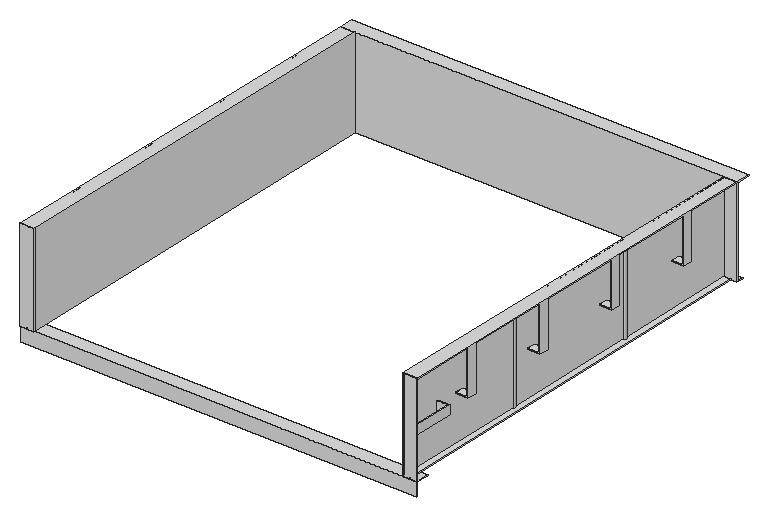
Revit family "Dock-Pit_Perma-Tech_Perma-Pit", category Generic Models, Revit 2026
Family settings
  Can host rebar = No
  Round Connector Dimension = Use Diameter
  Part Type = Normal
  Work Plane-Based = Yes
  Always vertical = Yes
  Cut with Voids When Loaded = Yes
  Maintain Annotation Orientation = No
  Shared = No
  Room Calculation Point = No
Parameters (values of type "Perma Pit")
  Width = 80"
  URL = "https://www.permatechinc.com/"
  Type Comments = ""
  Specification = "https://www.permatechinc.com/catalog/p-100050/perma-pit"
  Product Page URL = "https://www.permatechinc.com/catalog"
  Product Info = "https://www.arcat.com/arcatcos/cos51/arc51419.html"
  Product Documentation Link = "https://www.permatechinc.com/documents//perma-pit-curb-angle/Perma-Pit_Spec-sheet.pdf"
  Model = "Perma Pit"
  Metal [instance] = Metal
  Manufacturer = "Perma Tech Inc."  # constant formula
  Length = 87"
  Keynote = ""
  Height = 20"
  Description = ""
  Default Elevation = 48"
  Cost = 0
  Copyright = "2021 Perma Tech Inc."  # constant formula
  Assembly Code = ""
  Arcat Spec = "https://www.arcat.com/company/perma-tech--inc-51419/spec"
Reference planes (in)
  plane 1 "Center (Front/Back)": y = 0
  plane 2: z = 0
  plane 3 "Center (Left/Right)": x = 0
  plane 4: z = -20
  plane 5: x = -40
  plane 6: x = 40
  plane 7: y = 87
  plane 8: x = -43
  plane 9: y = 90
  plane 10: x = 43
  plane 11: z = -23
  plane 12: y = 3
  plane 13: z = -19.5
  plane 14: z = -22.5
  plane 15: y = 60
  plane 16: y = 30
  plane 17: z = -10
  plane 18: y = 15
  plane 19: y = 34.5
  plane 20: y = 54
  plane 21: y = 73.5
Forms (in)
  Extrusion 1, solid, material "Metal" <- "Metal"
    sketch origin (30.00206, -76.71664, 9.00066) x (0, 0.358403, 0.933567) y (0, 0.933567, -0.358403)
      loop
        line (32.06934, 163.05516) -> (50.2739, 156.06629) -> (51.34911, 158.86699) -> (51.17406, 158.93419) -> (50.16605, 156.30853) -> (32.31159, 163.163) -> (32.78199, 164.38831) -> (32.60695, 164.45551) -> (32.06934, 163.05516)
    from -12.99794 to 73.00206
  Extrusion 2, solid, material "Metal" <- "Metal"
    sketch origin (30.00206, -76.71664, 9.00066) x (0, 0.358403, 0.933567) y (0, 0.933567, -0.358403)
      loop
        line (0.42146, 82.01405) -> (1.49667, 84.81475) -> (1.32162, 84.88195) -> (0.31361, 82.25629) -> (-2.31204, 83.2643) -> (-2.37924, 83.08926) -> (0.42146, 82.01405)
    from -12.99794 to 73.00206
  Blend 3, solid, material "Metal" <- "Metal"
    base sketch origin (-36, -52.5, -5.25) x (1, 0, 0) y (0, 0, 1)
      loop
        line (-4, 5.25) -> (-7, 5.25) -> (-7, 5.0625) -> (-4.1875, 5.0625) -> (-4.1875, -14.5625) -> (-5.5, -14.5625) -> (-5.5, -14.75) -> (-4, -14.75) -> (-4, 5.25)
    top sketch origin (-36, -52.5, -5.25) x (1, 0, 0) y (0, 0, 1)
      loop
        line (-4, 5.25) -> (-7, 5.25) -> (-7, 5.0625) -> (-4.1875, 5.0625) -> (-4.1875, -14.0625) -> (-5.5, -14.0625) -> (-5.5, -14.25) -> (-4, -14.25) -> (-4, 5.25)
    from -52.5 to -139.5
  Blend 4, solid, material "Metal" <- "Metal"
    base sketch origin (-36, -52.5, -5.25) x (1, 0, 0) y (0, 0, 1)
      loop
        line (76, 5.25) -> (76, -14.75) -> (77.5, -14.75) -> (77.5, -14.5625) -> (76.1875, -14.5625) -> (76.1875, 5.0625) -> (79, 5.0625) -> (79, 5.25) -> (76, 5.25)
    top sketch origin (-36, -52.5, -5.25) x (1, 0, 0) y (0, 0, 1)
      loop
        line (76, 5.25) -> (76, -14.25) -> (77.5, -14.25) -> (77.5, -14.0625) -> (76.1875, -14.0625) -> (76.1875, 5.0625) -> (79, 5.0625) -> (79, 5.25) -> (76, 5.25)
    from -52.5 to -139.5
  Extrusion 5, solid, material "Metal" <- "Metal"
    sketch origin (0, 0, 0) x (1, 0, 0) y (0, 1, 0)
      loop
        arc (40.1875, 29.53649) -> (40.5, 30) -> (40.1875, 30.46351) r 0.5
        line (40.1875, 30.46351) -> (40.1875, 29.53649)
    from -0.1875 to -20
  Extrusion 6, solid, material "Metal" <- "Metal"
    sketch origin (0, 0, 0) x (1, 0, 0) y (0, 1, 0)
      loop
        arc (40.1875, 59.53649) -> (40.5, 60) -> (40.1875, 60.46351) r 0.5
        line (40.1875, 60.46351) -> (40.1875, 59.53649)
    from -0.1875 to -19.5
  Extrusion 7, solid, material "Metal" <- "Metal"
    sketch origin (0, 0, 0) x (-1, 0, 0) y (0, -1, 0)
      loop
        line (40.1875, -29.53649) -> (40.1875, -30.46351)
        arc (40.1875, -30.46351) -> (40.5, -30) -> (40.1875, -29.53649) r 0.5
    from -0.1875 to -20
  Extrusion 8, solid, material "Metal" <- "Metal"
    sketch origin (0, 0, 0) x (-1, 0, 0) y (0, -1, 0)
      loop
        line (40.1875, -59.53649) -> (40.1875, -60.46351)
        arc (40.1875, -60.46351) -> (40.5, -60) -> (40.1875, -59.53649) r 0.5
    from -0.1875 to -19.5
  Extrusion 9, solid, material "Metal" <- "Metal"
    sketch origin (0, 0, 0) x (1, 0, 0) y (0, 1, 0)
      loop
        line (-40, 0) -> (-40, 0.1875) -> (-43, 0.1875) -> (-43, 0) -> (-40, 0)
    from -20 to 0
  Extrusion 10, solid, material "Metal" <- "Metal"
    sketch origin (0, 0, 0) x (1, 0, 0) y (0, 1, 0)
      loop
        line (43, 0) -> (43, 0.1875) -> (40, 0.1875) -> (40, 0) -> (43, 0)
    from -20 to 0
  Sweep 11, solid, material "Metal" <- "Metal"
    path origin (56.24719, -180, -10) x (0, -1, 0) y (1, 0, 0)
      loop
        line (-189, -16.05969) -> (-189, -13.24719) -> (-180.1875, -13.24719)
    profile origin (43, 4.59375, -10) x (1, 0, 0) y (0, 0, 1)
      loop
        line (0, 1) -> (-0.1875, 1) -> (-0.1875, -1) -> (0, -1) -> (0, 1)
  Sweep 12, solid, material "Metal" <- "Metal"
    path origin (-56.24719, -180, -10) x (0, 1, 0) y (-1, 0, 0)
      loop
        line (189, -16.05969) -> (189, -13.24719) -> (180.1875, -13.24719)
    profile origin (-43, 4.59375, -10) x (1, 0, 0) y (0, 0, 1)
      loop
        line (0, 1) -> (0, -1) -> (0.1875, -1) -> (0.1875, 1) -> (0, 1)
  Sweep 13, solid, material "Metal" <- "Metal"
    path origin (77.22434, 15, 48) x (1, 0, 0) y (0, 0, 1)
      loop
        line (-37.03684, -58) -> (-34.22434, -58) -> (-34.22434, -48.1875)
    profile origin (43, 15, -5.09375) x (-1, 0, 0) y (0, -1, 0)
      loop
        line (0, -1) -> (0.1875, -1) -> (0.1875, 1) -> (0, 1) -> (0, -1)
  Sweep 14, solid, material "Metal" <- "Metal"
    path origin (-77.22434, 15, 48) x (-1, 0, 0) y (0, 0, -1)
      loop
        line (-37.03684, 58) -> (-34.22434, 58) -> (-34.22434, 48.1875)
    profile origin (-43, 15, -5.09375) x (-1, 0, 0) y (0, -1, 0)
      loop
        line (0, -1) -> (0, 1) -> (-0.1875, 1) -> (-0.1875, -1) -> (0, -1)
  Sweep 15, solid, material "Metal" <- "Metal"
    path origin (77.22434, 34.5, 48) x (1, 0, 0) y (0, 0, 1)
      loop
        line (-37.03684, -58) -> (-34.22434, -58) -> (-34.22434, -48.1875)
    profile origin (43, 34.5, -5.09375) x (-1, 0, 0) y (0, -1, 0)
      loop
        line (0, -1) -> (0.1875, -1) -> (0.1875, 1) -> (0, 1) -> (0, -1)
  Sweep 16, solid, material "Metal" <- "Metal"
    path origin (-77.22434, 34.5, 48) x (-1, 0, 0) y (0, 0, -1)
      loop
        line (-37.03684, 58) -> (-34.22434, 58) -> (-34.22434, 48.1875)
    profile origin (-43, 34.5, -5.09375) x (-1, 0, 0) y (0, -1, 0)
      loop
        line (0, -1) -> (0, 1) -> (-0.1875, 1) -> (-0.1875, -1) -> (0, -1)
  Sweep 17, solid, material "Metal" <- "Metal"
    path origin (77.22434, 54, 48) x (1, 0, 0) y (0, 0, 1)
      loop
        line (-37.03684, -58) -> (-34.22434, -58) -> (-34.22434, -48.1875)
    profile origin (43, 54, -5.09375) x (-1, 0, 0) y (0, -1, 0)
      loop
        line (0, -1) -> (0.1875, -1) -> (0.1875, 1) -> (0, 1) -> (0, -1)
  Sweep 18, solid, material "Metal" <- "Metal"
    path origin (-77.22434, 54, 48) x (-1, 0, 0) y (0, 0, -1)
      loop
        line (-37.03684, 58) -> (-34.22434, 58) -> (-34.22434, 48.1875)
    profile origin (-43, 54, -5.09375) x (-1, 0, 0) y (0, -1, 0)
      loop
        line (0, -1) -> (0, 1) -> (-0.1875, 1) -> (-0.1875, -1) -> (0, -1)
  Sweep 19, solid, material "Metal" <- "Metal"
    path origin (77.22434, 73.5, 48) x (1, 0, 0) y (0, 0, 1)
      loop
        line (-37.03684, -58) -> (-34.22434, -58) -> (-34.22434, -48.1875)
    profile origin (43, 73.5, -5.09375) x (-1, 0, 0) y (0, -1, 0)
      loop
        line (0, -1) -> (0.1875, -1) -> (0.1875, 1) -> (0, 1) -> (0, -1)
  Sweep 20, solid, material "Metal" <- "Metal"
    path origin (-77.22434, 73.5, 48) x (-1, 0, 0) y (0, 0, -1)
      loop
        line (-37.03684, 58) -> (-34.22434, 58) -> (-34.22434, 48.1875)
    profile origin (-43, 73.5, -5.09375) x (-1, 0, 0) y (0, -1, 0)
      loop
        line (0, -1) -> (0, 1) -> (-0.1875, 1) -> (-0.1875, -1) -> (0, -1)
  Sweep 21, solid, material "Metal" <- "Metal"
    path origin (0, 43, 0) x (0, 1, 0) y (0, 0, 1)
      loop
        line (47, -0.1875) -> (47, -10) -> (44.1875, -10)
    profile origin (0, 90, -5.09375) x (1, 0, 0) y (0, 1, 0)
      loop
        line (-1, 0) -> (-1, -0.1875) -> (1, -0.1875) -> (1, 0) -> (-1, 0)
  Extrusion 22, void
    sketch origin (30.00206, -76.71664, 9.00066) x (0, 0.358403, 0.933567) y (0, 0.933567, -0.358403)
      loop
        line (51.34911, 158.86699) -> (42.01344, 162.45102) -> (41.47583, 161.05067) -> (32.615, 164.45242) -> (1.51276, 84.80857) -> (1.32162, 84.88195) -> (0.31361, 82.25629) -> (-2.31204, 83.2643) -> (-2.37924, 83.08926) -> (19.09279, 74.84598) -> (51.34911, 158.86699)
    from -12.99794 to 73.00206
Cuts and joins
  joined: Blend 4, Extrusion 5, Extrusion 6, Sweep 11, Sweep 13, Sweep 15, Sweep 17, Sweep 19
  joined: Blend 3, Extrusion 7, Extrusion 8, Sweep 12, Sweep 14, Sweep 16, Sweep 18, Sweep 20
  joined: Extrusion 1, Sweep 21
Dimensions and locks (in)
  equal spacing: plane 5, plane 3 "Center (Left/Right)", plane 6
  "Width": plane 5 to plane 6
  "Length": plane 1 "Center (Front/Back)" to plane 7
  "Height": plane 4 to plane 2
  locked: plane 1 "Center (Front/Back)" to plane 12 at 3
  locked: plane 9 to plane 7 at 3
  locked: plane 6 to plane 10 at 3
  locked: plane 8 to plane 5 at 3
  locked: plane 11 to plane 4 at 3
  equal spacing: plane 9, Extrusion 1 sketch curve, plane 7, locked at 1.5 each
  locked: plane 14 to plane 13 at 3
  locked: Blend 3 sketch curve to Blend 3 sketch curve at 1.3125
  locked: plane 2 to Blend 3 sketch curve at 0.1875
  locked: plane 5 to Blend 3 sketch curve at 0.1875
  locked: Blend 3 sketch curve to plane 4 at 0.1875
  locked: plane 5 to Blend 3 sketch curve at 1.5
  locked: plane 13 to Extrusion 1 sketch curve at 0.1875
  locked: plane 2 to Extrusion 1 sketch curve at 0.1875
  locked: Extrusion 1 sketch curve to plane 7 at 0.1875
  locked: Blend 4 sketch curve to Blend 4 sketch curve at 1.5  (x2)
  locked: Blend 4 sketch curve to plane 4 at 0.1875
  locked: plane 6 to Blend 4 sketch curve at 0.1875  (x2)
  locked: plane 2 to Blend 4 sketch curve at 0.1875  (x2)
  locked: Blend 4 sketch curve to plane 13 at 0.1875
  equal spacing: plane 9, plane 15, plane 16, plane 1 "Center (Front/Back)"
  equal spacing: plane 2, plane 17, plane 4
  locked: plane 13 to plane 4 at 0.5
  locked: Sweep 11 sketch curve to plane 10 at 0.1875
  equal spacing: Sweep 11 sketch curve, plane 17, Sweep 11 sketch curve, locked at 1 each
  Sweep 12 sketch curve to plane 17 to Sweep 12 sketch curve = 1" locked, 1" locked
  locked: Sweep 12 sketch curve to plane 8 at 0.1875
  equal spacing: plane 1 "Center (Front/Back)", plane 18, plane 16
  equal spacing: plane 7, plane 21, plane 15
  equal spacing: plane 18, plane 19, plane 20, plane 21
  equal spacing: Sweep 14 sketch curve, profile plane, Sweep 14 sketch curve, locked at 1 each
  locked: plane 8 to Sweep 14 sketch curve at 0.1875
  equal spacing: Sweep 16 sketch curve, profile plane, Sweep 16 sketch curve, locked at 1 each
  equal spacing: Sweep 18 sketch curve, profile plane, Sweep 18 sketch curve, locked at 1 each
  equal spacing: Sweep 20 sketch curve, profile plane, Sweep 20 sketch curve, locked at 1 each
  equal spacing: Sweep 21 sketch curve, profile plane, Sweep 21 sketch curve, locked at 1 each
  locked: Sweep 21 sketch curve to profile plane at 0.1875
  aligned and locked: plane 2 to level
  aligned and locked: Extrusion 1 sketch curve to plane 7
  aligned and locked: Extrusion 1 sketch curve to level
  aligned and locked: Extrusion 1 sketch curve to plane 9
  aligned and locked: Extrusion 1 to plane 10
  aligned and locked: Extrusion 1 to plane 8
  aligned and locked: Extrusion 2 sketch curve to plane 1 "Center (Front/Back)"
  aligned and locked: Extrusion 2 sketch curve to plane 4
  aligned and locked: Extrusion 2 sketch curve to plane 12
  aligned and locked: Extrusion 2 sketch curve to plane 11
  aligned and locked: Extrusion 2 to plane 10
  aligned and locked: Extrusion 2 to plane 8
  aligned and locked: Blend 3 sketch curve to plane 5
  aligned and locked: Blend 3 sketch curve to plane 2
  aligned and locked: Blend 3 sketch curve to plane 4
  aligned and locked: Blend 3 sketch curve to plane 8
  aligned and locked: Blend 3 sketch curve to plane 13
  aligned and locked: Blend 3 to plane 1 "Center (Front/Back)"
  aligned and locked: plane 7 to Blend 3
  aligned and locked: Extrusion 1 sketch curve to plane 13
  aligned and locked: Blend 4 sketch curve to plane 4
  aligned and locked: plane 10 to Blend 4 sketch curve  (x2)
  aligned and locked: Blend 4 sketch curve to plane 2  (x2)
  aligned and locked: plane 6 to Blend 4 sketch curve  (x2)
  aligned and locked: Blend 4 sketch curve to plane 13
  aligned and locked: Blend 4 to plane 1 "Center (Front/Back)"
  aligned and locked: plane 7 to Blend 4
  aligned and locked: Blend 4 to Extrusion 5 sketch curve
  aligned and locked: plane 16 to Extrusion 5 sketch curve
  aligned and locked: plane 6 to Extrusion 5 sketch curve
  aligned and locked: plane 15 to Extrusion 6 sketch curve
  aligned and locked: plane 6 to Extrusion 6 sketch curve
  aligned and locked: Blend 4 to Extrusion 6 sketch curve
  aligned and locked: plane 16 to Extrusion 7 sketch curve
  aligned and locked: plane 5 to Extrusion 7 sketch curve
  aligned and locked: Extrusion 7 sketch curve to Blend 3
  aligned and locked: plane 15 to Extrusion 8 sketch curve
  aligned and locked: plane 5 to Extrusion 8 sketch curve
  aligned and locked: Extrusion 8 sketch curve to Blend 3
  aligned and locked: Extrusion 7 to Blend 3
  aligned and locked: plane 4 to Extrusion 7
  aligned and locked: plane 13 to Extrusion 8
  aligned and locked: Extrusion 8 to Blend 3
  aligned and locked: plane 4 to Extrusion 5
  aligned and locked: Extrusion 5 to Blend 3
  aligned and locked: plane 13 to Extrusion 6
  aligned and locked: Extrusion 6 to Blend 3
  aligned and locked: Extrusion 9 sketch curve to plane 1 "Center (Front/Back)"
  aligned and locked: Extrusion 9 sketch curve to plane 8
  aligned and locked: Extrusion 9 sketch curve to plane 5
  aligned and locked: Extrusion 2 to Extrusion 9 sketch curve
  aligned and locked: Extrusion 10 sketch curve to plane 1 "Center (Front/Back)"
  aligned and locked: plane 10 to Extrusion 10 sketch curve
  aligned and locked: plane 6 to Extrusion 10 sketch curve
  aligned and locked: Extrusion 10 sketch curve to Extrusion 2
  aligned and locked: level to Extrusion 10
  aligned and locked: plane 4 to Extrusion 10
  aligned and locked: plane 2 to Extrusion 9
  aligned and locked: plane 4 to Extrusion 9
  aligned and locked: Sweep 11 sketch curve to plane 10
  aligned and locked: Sweep 11 sketch curve to Extrusion 10
  aligned and locked: cut or joined group of Blend 4, Extrusion 5, Extrusion 6, Sweep 11, Sweep 13, Sweep 15, Sweep 17, Sweep 19 to Sweep 11 sketch curve
  aligned and locked: plane 10 to Sweep 11 sketch curve
  aligned and locked: Sweep 13 sketch curve to plane 10
  aligned and locked: Sweep 13 sketch curve to Extrusion 1
  aligned and locked: cut or joined group of Blend 4, Extrusion 5, Extrusion 6, Sweep 11, Sweep 13, Sweep 15, Sweep 17, Sweep 19 to Sweep 13 sketch curve
  aligned and locked: plane 10 to Sweep 13 sketch curve
  aligned and locked: plane 8 to Sweep 14 sketch curve
  aligned and locked: Sweep 14 sketch curve to plane 17
  aligned and locked: cut or joined group of Blend 3, Extrusion 7, Extrusion 8, Sweep 12, Sweep 14, Sweep 16, Sweep 18, Sweep 20 to Sweep 14 sketch curve
  aligned and locked: Sweep 14 sketch curve to Extrusion 1
  aligned and locked: Sweep 21 sketch curve to plane 17
  aligned and locked: Extrusion 1 to Sweep 21 sketch curve  (x2)
  aligned and locked: Sweep 21 sketch curve to plane 9
  aligned and locked: plane 9 to Sweep 21 sketch curve
  aligned and locked: Extrusion 22 sketch curve to level
  aligned and locked: Extrusion 22 sketch curve to plane 9
  aligned and locked: Extrusion 22 sketch curve to plane 17
  aligned and locked: Extrusion 22 sketch curve to Extrusion 1
  aligned and locked: Extrusion 22 sketch curve to cut or joined group of Blend 3, Extrusion 7, Extrusion 8, Sweep 12, Sweep 14, Sweep 16, Sweep 18, Sweep 20
  aligned and locked: Extrusion 22 sketch curve to plane 12
  aligned and locked: Extrusion 22 sketch curve to Extrusion 2  (x2)
  aligned and locked: Extrusion 22 sketch curve to plane 11
  aligned and locked: Extrusion 22 sketch curve to plane 1 "Center (Front/Back)"
  aligned and locked: Extrusion 22 to plane 10
  aligned and locked: Extrusion 22 to plane 8
Automatic sketch dimensions
  Extrusion 2 sketch curve to Extrusion 2 sketch curve = 0.0672"
  Extrusion 2 sketch curve to Extrusion 2 sketch curve = 0.10784"
  Blend 3 sketch curve to level = 0"
  Blend 3 sketch curve to plane 8 = 0"
  Blend 3 sketch curve to plane 5 = 0"
  Blend 3 sketch curve to plane 5 = 3/16"
  Blend 3 sketch curve to plane 13 = 3/16"
  Blend 3 sketch curve to Blend 3 sketch curve = 3/16"
  Blend 4 sketch curve to Blend 4 sketch curve = 1 5/16"  (x2)
  Extrusion 5 sketch curve to plane 16 = 0.46351"
  plane 15 to Extrusion 6 sketch curve = 0.46351"
  plane 16 to Extrusion 7 sketch curve = 0.46351"
  Extrusion 8 sketch curve to plane 15 = 0.46351"
  plane 12 to Sweep 11 sketch curve = 6"
  plane 17 to Sweep 11 sketch curve = 1"
  Sweep 12 sketch curve to plane 8 = 0"
  plane 12 to Sweep 12 sketch curve = 6"
  Sweep 12 sketch curve to plane 1 "Center (Front/Back)" = 3/16"
  Sweep 12 sketch curve to plane 5 = 3/16"
  profile plane to Sweep 12 sketch curve = 0"
  Sweep 13 sketch curve to plane 17 = 0"
  Sweep 13 sketch curve to Sweep 13 sketch curve = 3/16"
  Sweep 13 sketch curve to plane 18 = 1"
  plane 18 to Sweep 13 sketch curve = 1"
  Sweep 14 sketch curve to profile plane = 0"
  Sweep 14 sketch curve to plane 18 = 1"
  Sweep 15 sketch curve to plane 17 = 0"
  plane 10 to Sweep 15 sketch curve = 0"
  Sweep 15 sketch curve to plane 6 = 3/16"
  Sweep 15 sketch curve to level = 3/16"
  Sweep 15 sketch curve to profile plane = 0"
  Sweep 15 sketch curve to Sweep 15 sketch curve = 3/16"
  Sweep 15 sketch curve to plane 19 = 1"
  plane 19 to Sweep 15 sketch curve = 1"
  Sweep 16 sketch curve to plane 17 = 0"
  Sweep 16 sketch curve to plane 8 = 0"
  Sweep 16 sketch curve to plane 5 = 3/16"
  Sweep 16 sketch curve to level = 3/16"
  Sweep 16 sketch curve to profile plane = 0"
  Sweep 16 sketch curve to Sweep 16 sketch curve = 3/16"
  Sweep 16 sketch curve to plane 19 = 1"
  Sweep 17 sketch curve to plane 17 = 0"
  plane 10 to Sweep 17 sketch curve = 0"
  Sweep 17 sketch curve to plane 6 = 3/16"
  Sweep 17 sketch curve to level = 3/16"
  Sweep 17 sketch curve to profile plane = 0"
  Sweep 17 sketch curve to Sweep 17 sketch curve = 3/16"
  Sweep 17 sketch curve to plane 20 = 1"
  plane 20 to Sweep 17 sketch curve = 1"
  Sweep 18 sketch curve to plane 17 = 0"
  Sweep 18 sketch curve to plane 8 = 0"
  Sweep 18 sketch curve to plane 5 = 3/16"
  Sweep 18 sketch curve to level = 3/16"
  Sweep 18 sketch curve to profile plane = 0"
  Sweep 18 sketch curve to Sweep 18 sketch curve = 3/16"
  Sweep 18 sketch curve to plane 20 = 1"
  Sweep 19 sketch curve to plane 17 = 0"
  plane 10 to Sweep 19 sketch curve = 0"
  Sweep 19 sketch curve to plane 6 = 3/16"
  Sweep 19 sketch curve to level = 3/16"
  Sweep 19 sketch curve to profile plane = 0"
  Sweep 19 sketch curve to Sweep 19 sketch curve = 3/16"
  Sweep 19 sketch curve to plane 21 = 1"
  plane 21 to Sweep 19 sketch curve = 1"
  Sweep 20 sketch curve to plane 17 = 0"
  Sweep 20 sketch curve to plane 8 = 0"
  Sweep 20 sketch curve to plane 5 = 3/16"
  Sweep 20 sketch curve to level = 3/16"
  Sweep 20 sketch curve to profile plane = 0"
  Sweep 20 sketch curve to Sweep 20 sketch curve = 3/16"
  Sweep 20 sketch curve to plane 21 = 1"
  Sweep 21 sketch curve to plane 3 "Center (Left/Right)" = 1"
